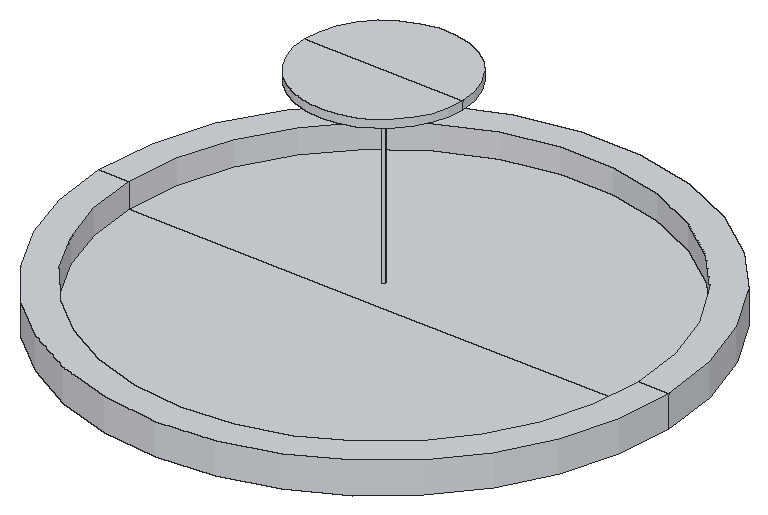
Revit family "Alcon-12182-P-18-Revit-Family", category Lighting Fixtures, host Ceiling, Revit 2021
Family settings
  Host = Ceiling
  Round Connector Dimension = Use Diameter
  Part Type = Normal
  Always vertical = Yes
  Cut with Voids When Loaded = No
  Light Source = Yes
  Shared = No
  Room Calculation Point = No
Parameters
  Wattage = 9.2903 W
  built-in parameter 1150110 = 1 (stored number, unit not read)
  built-in parameter 1114217 = 1 (stored number, unit not read)
  built-in parameter 1150109 = 1 (stored number, unit not read)
  built-in parameter 1150134 = 3
  built-in parameter 1150113 = 1 (stored number, unit not read)
  Product Identity = "Alcon Lighting 12182-P-18"
  Manufacturer = "Alcon Light"
  built-in parameter 1150105 = 439.27 (stored number, unit not read)
  Lumens = 1380 lm
  built-in parameter 1150115 = 1 (stored number, unit not read)
  Link To Product Page = "https://www.alconlighting.com/12182-p-18-disk-round-pendant.html"
  Light Source Symbol Size = 1' - 6"
  built-in parameter 1150137 = (empty or 0)
  built-in parameter 1150139 = (empty or 0)
  Lens = none
  built-in parameter 1150112 = 1 (stored number, unit not read)
  built-in parameter 1150114 = 1 (stored number, unit not read)
  built-in parameter 1150132 = (empty or 0)
  built-in parameter 1150102 = (empty or 0)
  built-in parameter 1150107 = 3200 (stored number, unit not read)
  built-in parameter 1150138 = (empty or 0)
  built-in parameter 1150106 = 4.3927 (stored number, unit not read)
  Housing = none
  Height = 0' - 6"
  Emit from Circle Diameter = 1' - 6"
  Emit Shape Visible in Rendering = no
  built-in parameter 1150104 = 13.8 (stored number, unit not read)
  Dimming Lamp Color Temperature Shift = (empty or 0)
  Default Elevation = 0' - 0"
  Color Filter = 16777215
  built-in parameter 1114218 = 1 (stored number, unit not read)
  built-in parameter 1150133 = 10 (stored number, unit not read)
Reference planes (in)
  plane 1 "Center (Front/Back)": y = 0
  plane 2 "Ceiling": z = 96
  plane 3 "Center (Left/Right)": x = 0
Forms (in)
  Revolve 1, solid, material <- "Lens"
    sketch origin (0, 0, -6) x (1, 0, 0) y (0, 0, 1)
      loop
        line (0, 95.25) -> (0, 95) -> (8.04688, 95) -> (8.04688, 95.25) -> (0, 95.25)
      axis (0, 95) -> (0, 95.25)
    angle from 0 to 360
  Revolve 2, solid, material <- "Housing"
    sketch origin (0, 0, -6) x (1, 0, 0) y (0, 0, 1)
      loop
        line (9, 96) -> (8.04688, 96) -> (8.04688, 95) -> (9, 95) -> (9, 96)
      axis (0, 95) -> (0, 96)
    angle from 0 to 360
  Revolve 3, solid, material <- "Housing"
    sketch origin (0, 0, 0) x (1, 0, 0) y (0, 0, 1)
      loop
        line (0, 96) -> (0, 90) -> (0.06066, 90) -> (0.06066, 95.37025) -> (0.15257, 95.37025) -> (0.15257, 95.75) -> (2.5, 95.75) -> (2.5, 96) -> (0, 96)
      axis (0, 90) -> (0, 96)
    angle from 0 to 360
Dimensions and locks (in)
  equal spacing: host sketch curve, plane 3 "Center (Left/Right)", host sketch curve
  equal spacing: host sketch curve, plane 1 "Center (Front/Back)", host sketch curve
  host sketch curve to host sketch curve = 10' - 0"  (x2)
  "Height": plane 2 "Ceiling" to Revolve 2
  aligned and locked: imposter light to Revolve 2
  aligned and locked: Revolve 2 to Revolve 1
  aligned and locked: Revolve 2 to Revolve 3
Automatic sketch dimensions
  plane 3 "Center (Left/Right)" to Revolve 2 sketch curve = 0' - 8 3/64"
  Revolve 2 sketch curve to Revolve 2 sketch curve = 0' - 0 61/64"
  Revolve 2 sketch curve to plane 2 "Ceiling" = 0' - 7"
  Revolve 2 sketch curve to Revolve 2 sketch curve = 0' - 1"
  plane 3 "Center (Left/Right)" to Revolve 2 sketch curve = 0' - 0"
  Revolve 2 sketch curve to plane 2 "Ceiling" = 0' - 6"
  Revolve 2 sketch curve to Revolve 2 sketch curve = 0' - 0 3/4"
  Revolve 3 sketch curve to plane 2 "Ceiling" = 0' - 0"  (x2)
  Revolve 3 sketch curve to plane 3 "Center (Left/Right)" = 0' - 0"  (x2)
  plane 3 "Center (Left/Right)" to Revolve 3 sketch curve = 0' - 2 1/2"
  plane 3 "Center (Left/Right)" to Revolve 3 sketch curve = 0' - 0.06066"
  Revolve 3 sketch curve to Revolve 3 sketch curve = 0' - 0.09191"
  Revolve 3 sketch curve to plane 2 "Ceiling" = 0' - 0 1/4"
  Revolve 3 sketch curve to Revolve 3 sketch curve = 0' - 0.37975"
  Revolve 3 sketch curve to Revolve 3 sketch curve = 0' - 5.37025"
  Revolve 3 sketch curve to Revolve 3 sketch curve = 0' - 0 1/2"
  plane 3 "Center (Left/Right)" to Revolve 1 sketch curve = 0' - 0"
  plane 3 "Center (Left/Right)" to Revolve 1 sketch curve = 0' - 8 3/64"
  Revolve 1 sketch curve to plane 2 "Ceiling" = 0' - 7"
  Revolve 1 sketch curve to Revolve 1 sketch curve = 0' - 0 1/4"  (x2)
  Revolve 1 sketch curve to Revolve 1 sketch curve = 0' - 0"
  Revolve 1 sketch curve to Revolve 1 sketch curve = 0' - 0 3/4"
